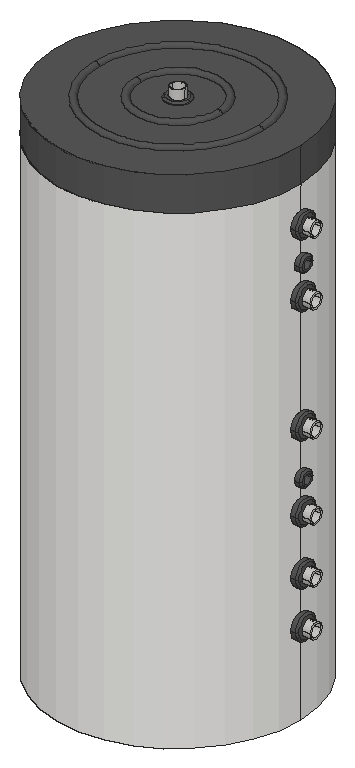
Revit family "S-tank_P2", category Оборудование, Revit 2019
Family settings
  Размер круглого соединителя = Использовать диаметр
  Классификация = Нет
  Тип детали = Нормальный
  На основе рабочей плоскости = Нет
  Всегда вертикально = Да
  При загрузке вырезать с полостями = Нет
  Общий = Нет
  Точка расчета площади = Нет
Parameters (values of type "P2 200")
  Разработка семейств = "https://rubim.tech/"
  J = 1020 mm
  H = 1200 mm
  Диаметрcизоляцией = 575 mm
  shrf = 17.5 mm
  rd [instance] = Диаметрcизоляцией / 2  # 287.5 mm
  a = Диаметрcизоляцией / 6  # 95.833 mm
  G = 198 mm
  N = L + 150 mm  # 1038 mm
  M = 958 mm
  L = 888 mm
  K = 728 mm
  E = 618 mm
  DN2 = 15 mm
  DN1 = 25 mm
  D = 508 mm
  C = 438 mm
  B = 308 mm
  ADSK_Примечание [instance] = ""
  ADSK_Позиция [instance] = ""
  ADSK_Обозначение = "P2 200"
  ADSK_Наименование краткое [instance] = "БКН"
  ADSK_Наименование = "Бойлер косвенного нагрева"
  ADSK_Масса_Текст [instance] = ""
  ADSK_Масса = 58
  ADSK_Марка = "P2 200"
  ADSK_Количество [instance] = 1  # constant formula
  ADSK_Код изделия [instance] = ""
  ADSK_Завод-изготовитель = "ООО “С-ТЭНК ВОТЕР ХИТЕРС”"
  ADSK_Единица измерения = "шт."  # constant formula
  ADSK_Группирование = "Оборудование"
  ADSK_URL документации изделия = "http://s-tank.ru/p2/"
  A = 198 mm
Types (8, lengths in mm): name | J | H | Диаметрcизоляцией | rd | a | G | N | M | L | K | E | D | C | B | ADSK_Обозначение | ADSK_Масса | ADSK_Марка | A
  P2 200 | 1020 | 1200 | 575 | 287.5 | 95.833 | 198 | 1038 | 958 | 888 | 728 | 618 | 508 | 438 | 308 | "P2 200" | 58 | "P2 200" | 198
  P2 300 | 1360 | 1550 | 575 | 287.5 | 95.833 | 198 | 1318 | 1238 | 1168 | 888 | 728 | 608 | 538 | 318 | "P2 300" | 70 | "P2 300" | 198
  P2 400 | 1110 | 1420 | 725 | 362.5 | 120.833 | 210 | 1100 | 1030 | 950 | 850 | 720 | 590 | 420 | 340 | "P2 400" | 85 | "P2 400" | 210
  P2 500 | 1360 | 1670 | 725 | 362.5 | 120.833 | 210 | 1150 | 1080 | 1000 | 850 | 720 | 590 | 420 | 340 | "P2 500" | 93 | "P2 500" | 210
  P2 750 | 1326 | 1630 | 920 | 460 | 153.333 | 286 | 1166 | 1096 | 1016 | 866 | 736 | 606 | 496 | 416 | "P2 750" | 114 | "P2 750" | 286
  P2 1000 | 1876 | 2200 | 920 | 460 | 153.333 | 296 | 1361 | 1306 | 1211 | 1076 | 886 | 696 | 581 | 486 | "P2 1000" | 145 | "P2 1000" | 296
  P2 1500 | 2010 | 2370 | 1070 | 535 | 178.333 | 360 | 1685 | 1630 | 1535 | 1260 | 1070 | 880 | 645 | 550 | "P2 1500" | 211 | "P2 1500" | 360
  P2 2000 | 2178 | 2500 | 1180 | 590 | 196.667 | 508 | 1783 | 1728 | 1633 | 1308 | 1108 | 908 | 603 | 508 | "P2 2000" | 257 | "P2 2000" | 308
Reference planes
  plane 1 "По центру (Вперед/Назад)": y = 0
  plane 2: z = 0
  plane 3 "По центру (Влево/Вправо)": x = 0
  plane 4: z = 198
  plane 5: z = 308
  plane 6: z = 438
  plane 7: z = 508
  plane 8: z = 1200
  plane 9: x = 287.5
  plane 10: x = -287.5
  plane 11: x = 95.833
  plane 12: x = 191.667
  plane 13: y = -287.5
  plane 14: y = 287.5
  plane 15: z = 618
  plane 16: z = 1038
  plane 17: z = 728
  plane 18: z = 888
  plane 19: z = 198
  plane 20: z = 958
  plane 21: z = 1020
Forms (mm)
  Extrusion 1, solid, material "RB_Серая порошковая"
    sketch origin (0, 0, 0) x (1, 0, 0) y (0, 1, 0)
      loop
        circle (0, 0) r 287.5
    from 0 to 1120
  Extrusion 2, solid, material "RB_Черный пластик"
    sketch origin (0, 0, 0) x (1, 0, 0) y (0, 1, 0)
      loop
        circle (0, 0) r 287.5
    from 1120 to 1200
  Revolve 3, solid, material "RB_Черный пластик"
    sketch origin (0, 0, 0) x (1, 0, 0) y (0, 0, 1)
      loop
        line (88.333, 1200) -> (103.333, 1200)
        arc (103.333, 1200) -> (95.833, 1207.5) -> (88.333, 1200) r 7.5
      loop
        line (184.167, 1200) -> (199.167, 1200)
        arc (199.167, 1200) -> (191.667, 1207.5) -> (184.167, 1200) r 7.5
      axis (0, 1200) -> (0, 1201)
    angle from 0 to 360
  Extrusion 4, solid, material "Пластик синий", not visible
    sketch origin (-10, 0, 0) x (1, 0, 0) y (0, 0, 1)
      loop
        arc (-214.477, 2447.343) -> (-231.977, 2440.094) -> (-239.226, 2422.594) r 24.749
        line (-239.226, 2422.594) -> (-239.226, 2312.833)
        arc (-239.226, 2312.833) -> (-231.977, 2295.333) -> (-214.477, 2288.085) r 24.749
        line (-214.477, 2288.085) -> (236.536, 2288.085)
        arc (236.536, 2288.085) -> (254.036, 2295.333) -> (261.285, 2312.833) r 24.749
        line (261.285, 2312.833) -> (261.285, 2420.032)
        arc (261.285, 2420.032) -> (253.285, 2439.344) -> (233.974, 2447.343) r 27.311
        line (233.974, 2447.343) -> (-214.477, 2447.343)
      loop
        arc (-214.477, 2439.053) -> (-226.115, 2434.232) -> (-230.936, 2422.594) r 16.459
        line (-230.936, 2422.594) -> (-230.936, 2331.316) -> (252.994, 2331.316) -> (252.994, 2420.032)
        arc (252.994, 2420.032) -> (247.423, 2433.482) -> (233.974, 2439.053) r 19.021
        line (233.974, 2439.053) -> (-214.477, 2439.053)
      loop
        line (-115.968, 2397.309) -> (-115.968, 2379.809) -> (-65.968, 2379.809) -> (-65.968, 2397.309) -> (-115.968, 2397.309)
      loop
        line (-35.422, 2407.249) -> (-35.422, 2351.314) -> (-17.922, 2351.314) -> (-17.922, 2407.249) -> (3.349, 2407.249) -> (10.977, 2424.749) -> (-55.778, 2424.749) -> (-55.778, 2407.249) -> (-35.422, 2407.249)
      loop
        line (-4.413, 2351.314) -> (16.363, 2351.314) -> (21.205, 2358.883) -> (45.502, 2358.883) -> (45.502, 2351.314) -> (63.002, 2351.314) -> (63.002, 2377.816) -> (33.319, 2377.816) -> (45.396, 2396.692) -> (45.396, 2384.046) -> (62.896, 2384.046) -> (62.896, 2407.227)
        arc (62.896, 2407.227) -> (56.009, 2420.523) -> (41.176, 2422.567) r 16.277
        line (41.176, 2422.567) -> (-4.413, 2351.314)
      loop
        line (86.328, 2400.911) -> (116.793, 2357.872)
        arc (116.793, 2357.872) -> (128.592, 2352.604) -> (138.978, 2360.291) r 12.812
        line (138.978, 2360.291) -> (138.978, 2425.291) -> (121.478, 2425.291) -> (121.478, 2377.488) -> (92.799, 2417.763)
        arc (92.799, 2417.763) -> (79.669, 2423.404) -> (68.828, 2414.092) r 13.5
        line (68.828, 2414.092) -> (68.828, 2351.314) -> (86.328, 2351.314) -> (86.328, 2400.911)
      loop
        line (148.978, 2425.291) -> (148.978, 2351.314) -> (166.478, 2351.314) -> (166.478, 2387.9) -> (192.095, 2351.314) -> (210.407, 2351.314) -> (181.682, 2392.337) -> (202.618, 2425.291) -> (184.847, 2425.291) -> (166.478, 2396.377) -> (166.478, 2425.291) -> (148.978, 2425.291)
    from 759.938 to 875
  Extrusion 5, solid, material "Пластик красный", not visible
    sketch origin (-10, 0, 0) x (1, 0, 0) y (0, 0, 1)
      loop
        line (-183.191, 2407.249) -> (-125.538, 2407.249)
        arc (-125.538, 2407.249) -> (-123.959, 2408.615) -> (-124.451, 2410.643) r 2.004
        line (-124.451, 2410.643) -> (-138.593, 2424.749) -> (-178.435, 2424.749)
        arc (-178.435, 2424.749) -> (-183.852, 2416.825) -> (-183.191, 2407.249) r 14.627
      loop
        line (-178.104, 2401.129) -> (-146.323, 2368.814) -> (-182.715, 2368.814)
        arc (-182.715, 2368.814) -> (-184.77, 2366.956) -> (-184.098, 2364.267) r 2.693
        line (-184.098, 2364.267) -> (-171.109, 2351.314) -> (-128.051, 2351.314)
        arc (-128.051, 2351.314) -> (-118.918, 2357.483) -> (-121.231, 2368.259) r 9.845
        line (-121.231, 2368.259) -> (-153.559, 2401.129) -> (-178.104, 2401.129)
    from -875 to 875
Lines and regions (mm)
  reference lines
    curve 1: line (0, -287.5, 51.978) -> (0, -287.5, -128.022)
    curve 2: line (287.5, 0, 51.978) -> (287.5, 0, -48.022)
    curve 3: line (378.302, -378.302, 51.978) -> (378.302, -378.302, -48.022)
    curve 4: line (-287.5, 0, 51.978) -> (-287.5, 0, -48.022)
Dimensions and locks
  "H": plane 8 to plane 2
  "D": plane 7 to plane 2
  "C": plane 6 to plane 2
  "B": plane 5 to plane 2
  "A": plane 4 to plane 2
  "Диаметрcизоляцией": plane 9 to plane 10
  equal spacing: plane 9, plane 3 "По центру (Влево/Вправо)", plane 10
  "a": plane 11 to plane 3 "По центру (Влево/Вправо)"
  "a": plane 12 to plane 11
  equal spacing: Revolve 3 sketch curve, plane 11, Revolve 3 sketch curve
  equal spacing: Revolve 3 sketch curve, plane 12, Revolve 3 sketch curve
  Revolve 3 sketch curve to Revolve 3 sketch curve = 15 mm  (x2)
  "shrf": Extrusion 4 sketch curve to Extrusion 4 sketch curve  (x11)
  Extrusion 4 sketch curve to Extrusion 4 sketch curve = 15 mm  (x2)
  "shrf": Extrusion 5 sketch curve to Extrusion 5 sketch curve  (x3)
  equal spacing: plane 14, plane 1 "По центру (Вперед/Назад)", plane 13
  "Диаметрcизоляцией": plane 14 to plane 13
  locked: Extrusion 2 to plane 8 at 80
  "E": plane 15 to level
  "K": plane 17 to level
  "G": plane 19 to level
  "M": plane 20 to level
  "L": plane 18 to level
  "N": plane 16 to level
  "J": plane 21 to level
  "Диаметрcизоляцией": diameter of Extrusion 1 sketch curve
  "Диаметрcизоляцией": diameter of Extrusion 2 sketch curve
  aligned and locked: level to plane 2
  aligned and locked: Extrusion 4 sketch curve to Extrusion 4 sketch curve  (x3)
  aligned and locked: Extrusion 4 to Extrusion 5 sketch curve
  aligned and locked: Extrusion 5 sketch curve to Extrusion 4
  aligned and locked: nested 1 to plane 1 "По центру (Вперед/Назад)"
  aligned and locked: curve 1 to plane 13
  aligned and locked: nested 2 to plane 4
  aligned and locked: nested 1 to plane 5
  aligned and locked: nested 4 to plane 6
  aligned and locked: curve 2 to nested 3
  aligned and locked: curve 2 to nested 4
  aligned and locked: curve 2 to nested 1
  aligned and locked: curve 2 to nested 2
  aligned and locked: curve 2 to plane 9
  aligned and locked: nested 5 to plane 1 "По центру (Вперед/Назад)"
  aligned and locked: nested 5 to plane 8
  aligned and locked: Extrusion 2 to plane 8
  aligned and locked: Extrusion 1 to Extrusion 2
  aligned and locked: Extrusion 1 to level
  aligned and locked: plane 20 to nested 3
  aligned and locked: curve 2 to nested 6
  aligned and locked: nested 6 to plane 7
  aligned and locked: plane 16 to nested 7
  aligned and locked: curve 2 to nested 7
  aligned and locked: plane 19 to nested 9
  aligned and locked: curve 2 to nested 8
  aligned and locked: plane 15 to nested 8
  aligned and locked: nested 9 to curve 4
  aligned and locked: curve 4 to plane 10
  aligned and locked: plane 18 to nested 10
  aligned and locked: curve 2 to nested 10
  aligned and locked: plane 21 to nested 11
  aligned and locked: curve 4 to nested 11
Automatic sketch dimensions
  Extrusion 4 sketch curve to Extrusion 4 sketch curve = 0 mm  (x12)
  Extrusion 4 sketch curve to Extrusion 4 sketch curve = 8.29 mm
  Extrusion 4 sketch curve to Extrusion 4 sketch curve = 16.459 mm  (x3)
  Extrusion 4 sketch curve to Extrusion 4 sketch curve = 98.509 mm
  Extrusion 4 sketch curve to Extrusion 4 sketch curve = 50 mm
  Extrusion 4 sketch curve to Extrusion 4 sketch curve = 10.19 mm
  Extrusion 4 sketch curve to Extrusion 4 sketch curve = 20.356 mm
  Extrusion 4 sketch curve to Extrusion 4 sketch curve = 13.509 mm
  Extrusion 4 sketch curve to Extrusion 4 sketch curve = 4.843 mm
  Extrusion 4 sketch curve to Extrusion 4 sketch curve = 12.113 mm
  Extrusion 4 sketch curve to Extrusion 4 sketch curve = 30.199 mm
  Extrusion 4 sketch curve to Extrusion 4 sketch curve = 12.078 mm
  Extrusion 4 sketch curve to Extrusion 4 sketch curve = 12.183 mm
  Extrusion 4 sketch curve to Extrusion 4 sketch curve = 1.223 mm
  Extrusion 4 sketch curve to Extrusion 4 sketch curve = 5.932 mm
  Extrusion 4 sketch curve to Extrusion 4 sketch curve = 4.616 mm
  Extrusion 4 sketch curve to Extrusion 4 sketch curve = 11.087 mm
  Extrusion 4 sketch curve to Extrusion 4 sketch curve = 30.465 mm
  Extrusion 4 sketch curve to Extrusion 4 sketch curve = 4.684 mm
  Extrusion 4 sketch curve to Extrusion 4 sketch curve = 11.775 mm
  Extrusion 4 sketch curve to Extrusion 4 sketch curve = 10 mm
  Extrusion 4 sketch curve to Extrusion 4 sketch curve = 15.205 mm
  Extrusion 4 sketch curve to Extrusion 4 sketch curve = 18.369 mm
  Extrusion 4 sketch curve to Extrusion 4 sketch curve = 25.618 mm
  Extrusion 4 sketch curve to Extrusion 4 sketch curve = 17.771 mm
  Extrusion 4 sketch curve to Extrusion 4 sketch curve = 18.312 mm
  Extrusion 4 sketch curve to Extrusion 4 sketch curve = 31.356 mm
  Extrusion 4 sketch curve to Extrusion 4 sketch curve = 18.483 mm
  Extrusion 4 sketch curve to Extrusion 4 sketch curve = 38.481 mm
  Extrusion 4 sketch curve to Extrusion 4 sketch curve = 6.557 mm
  Extrusion 4 sketch curve to Extrusion 4 sketch curve = 8.977 mm
  Extrusion 4 sketch curve to Extrusion 4 sketch curve = 12.148 mm
  Extrusion 4 sketch curve to Extrusion 4 sketch curve = 28.495 mm
  Extrusion 4 sketch curve to Extrusion 4 sketch curve = 12.647 mm
  Extrusion 4 sketch curve to Extrusion 4 sketch curve = 6.316 mm
  Extrusion 4 sketch curve to Extrusion 4 sketch curve = 15.318 mm
  Extrusion 4 sketch curve to Extrusion 4 sketch curve = 9.148 mm
  Extrusion 4 sketch curve to Extrusion 4 sketch curve = 6.865 mm
  Extrusion 4 sketch curve to Extrusion 4 sketch curve = 5.259 mm
  Extrusion 4 sketch curve to Extrusion 4 sketch curve = 28.915 mm
  Extrusion 5 sketch curve to Extrusion 5 sketch curve = 0.908 mm
  Extrusion 5 sketch curve to Extrusion 5 sketch curve = 1.383 mm
  Extrusion 5 sketch curve to Extrusion 5 sketch curve = 1.904 mm
  Extrusion 5 sketch curve to Extrusion 5 sketch curve = 4.756 mm
  Extrusion 5 sketch curve to Extrusion 5 sketch curve = 5.086 mm
  Extrusion 5 sketch curve to Extrusion 5 sketch curve = 12.989 mm
  Extrusion 5 sketch curve to Extrusion 5 sketch curve = 8.698 mm
  Extrusion 5 sketch curve to Extrusion 5 sketch curve = 16.177 mm
  Extrusion 5 sketch curve to Extrusion 5 sketch curve = 24.787 mm
  Extrusion 5 sketch curve to Extrusion 5 sketch curve = 14.966 mm
  Extrusion 5 sketch curve to Extrusion 5 sketch curve = 18.272 mm
  Extrusion 5 sketch curve to Extrusion 5 sketch curve = 12.725 mm
  Extrusion 5 sketch curve to Extrusion 5 sketch curve = 0.33 mm
  Extrusion 5 sketch curve to Extrusion 5 sketch curve = 1.417 mm
  Extrusion 5 sketch curve to Extrusion 5 sketch curve = 6.82 mm
  Extrusion 5 sketch curve to Extrusion 5 sketch curve = 4.547 mm
  Extrusion 5 sketch curve to Extrusion 5 sketch curve = 1.977 mm
  Extrusion 4 sketch curve to Extrusion 4 sketch curve = 21.271 mm
  Extrusion 4 sketch curve to Extrusion 4 sketch curve = 7.628 mm
  Extrusion 4 sketch curve to Extrusion 4 sketch curve = 20.775 mm
  Extrusion 4 sketch curve to Extrusion 4 sketch curve = 26.129 mm
  Revolve 3 sketch curve to plane 3 "По центру (Влево/Вправо)" = 0 mm
  Revolve 3 sketch curve to plane 8 = 0 mm  (x2)
  Revolve 3 sketch curve to plane 8 = 100 mm
  Revolve 3 sketch curve to Revolve 3 sketch curve = 220 mm
  curve 3 to level = 48.022 mm
  level to curve 3 = 51.978 mm
  curve 1 to level = 128.022 mm
  level to curve 1 = 51.978 mm
  curve 2 to level = 48.022 mm
  curve 4 to level = 48.022 mm
  level to curve 4 = 51.978 mm
  level to curve 2 = 51.978 mm
  plane 1 "По центру (Вперед/Назад)" to Extrusion 1 sketch curve = 0 mm
  Extrusion 1 sketch curve to plane 3 "По центру (Влево/Вправо)" = 0 mm
  plane 1 "По центру (Вперед/Назад)" to Extrusion 2 sketch curve = 0 mm
  Extrusion 2 sketch curve to plane 3 "По центру (Влево/Вправо)" = 0 mm
Nested families
  nested 1: "патрубок" at (287.5, 0, 308) x (0, 1, 0) z (0, 0, 1), DN <- "DN1", type "патрубок"
    with ВР yes, L2 50 mm, L1 30 mm, Dv 35.5 mm, Dtv 29.5 mm, Dt 33.5 mm, Dn 56.8 mm, DN 25 mm
  nested 2: "патрубок" at (287.5, 0, 198) x (0, 1, 0) z (0, 0, 1), DN <- "DN1", type "патрубок"
    with ВР yes, L2 50 mm, L1 30 mm, Dv 35.5 mm, Dtv 29.5 mm, Dt 33.5 mm, Dn 56.8 mm, DN 25 mm
  nested 3: "патрубок" at (287.5, 0, 958) x (0, 1, 0) z (0, 0, 1), DN <- "DN2", type "патрубок"
    with ВР no, L2 15 mm, L1 30 mm, Dv 23.3 mm, Dtv 17.3 mm, Dt 21.3 mm, Dn 37.28 mm, DN 15 mm
  nested 4: "патрубок" at (287.5, 0, 438) x (0, 1, 0) z (0, 0, 1), DN <- "DN1", type "патрубок"
    with ВР yes, L2 50 mm, L1 30 mm, Dv 35.5 mm, Dtv 29.5 mm, Dt 33.5 mm, Dn 56.8 mm, DN 25 mm
  nested 5: "патрубок" at (0, 0, 1189.119) x (1, 0, 0) z (0, 1, 0), DN <- "DN1", type "патрубок"
    with ВР yes, L2 50 mm, L1 30 mm, Dv 35.5 mm, Dtv 29.5 mm, Dt 33.5 mm, Dn 56.8 mm, DN 25 mm
  nested 6: "патрубок" at (287.5, 0, 508) x (0, 1, 0) z (0, 0, 1), DN <- "DN2", type "патрубок"
    with ВР no, L2 15 mm, L1 30 mm, Dv 23.3 mm, Dtv 17.3 mm, Dt 21.3 mm, Dn 37.28 mm, DN 15 mm
  nested 7: "патрубок" at (287.5, 0, 1038) x (0, 1, 0) z (0, 0, 1), DN <- "DN1", type "патрубок"
    with ВР yes, L2 50 mm, L1 30 mm, Dv 35.5 mm, Dtv 29.5 mm, Dt 33.5 mm, Dn 56.8 mm, DN 25 mm
  nested 8: "патрубок" at (287.5, 0, 618) x (0, 1, 0) z (0, 0, 1), DN <- "DN1", type "патрубок"
    with ВР yes, L2 50 mm, L1 30 mm, Dv 35.5 mm, Dtv 29.5 mm, Dt 33.5 mm, Dn 56.8 mm, DN 25 mm
  nested 9: "патрубок" at (-287.5, 0, 198) x (0, -1, 0) z (0, 0, 1), type "патрубок"
    with ВР no, L2 15 mm, L1 30 mm, Dv 62 mm, Dtv 56 mm, Dt 60 mm, Dn 99.2 mm, DN 50 mm
  nested 10: "патрубок" at (287.5, 0, 888) x (0, 1, 0) z (0, 0, 1), DN <- "DN1", type "патрубок"
    with ВР yes, L2 50 mm, L1 30 mm, Dv 35.5 mm, Dtv 29.5 mm, Dt 33.5 mm, Dn 56.8 mm, DN 25 mm
  nested 11: "патрубок" at (-287.5, 0, 1020) x (0, 1, 0) z (0, 0, 1), DN <- "DN2", type "патрубок"
    with ВР no, L2 15 mm, L1 30 mm, Dv 23.3 mm, Dtv 17.3 mm, Dt 21.3 mm, Dn 37.28 mm, DN 15 mm
Connectors
  piping at (287.5, 0, 958), diameter 15, driven by "DN2"
    settings: on nested 3, index 13, connector inside diameter 609.6 mm, connector length 0 mm, flow factor 0, pipe flow 0.0 L/s, pressure drop 0.0 Pa, fitting loss kfactor 0, connector angle 0.00°, fixture units 0, engagement length 0 mm, angle of deflection 0.00°, flow configuration 0, flow direction 0, fitting loss method 0, system type 29, joint type 0, gender type 0, connector reference index -1, connector utility 0, adjustable connector no, is connector primary yes, connector description ""
  piping at (322.5, 0, 438), diameter 25, driven by "DN1"
    settings: on nested 4, index 14, connector inside diameter 609.6 mm, connector length 0 mm, flow factor 0, pipe flow 0.0 L/s, pressure drop 0.0 Pa, fitting loss kfactor 0, connector angle 0.00°, fixture units 0, engagement length 0 mm, angle of deflection 0.00°, flow configuration 0, flow direction 2, fitting loss method 0, system type 29, joint type 0, gender type 0, connector reference index -1, connector utility 0, adjustable connector no, is connector primary no, connector description ""
  piping at (322.5, 0, 308), diameter 25, driven by "DN1"
    settings: on nested 1, index 15, connector inside diameter 609.6 mm, connector length 0 mm, flow factor 0, pipe flow 0.0 L/s, pressure drop 0.0 Pa, fitting loss kfactor 0, connector angle 0.00°, fixture units 0, engagement length 0 mm, angle of deflection 0.00°, flow configuration 0, flow direction 2, fitting loss method 0, system type 8, joint type 0, gender type 0, connector reference index -1, connector utility 0, adjustable connector no, is connector primary no, connector description ""
  piping at (322.5, 0, 198), diameter 25, driven by "DN1"
    settings: on nested 2, index 16, connector inside diameter 609.6 mm, connector length 0 mm, flow factor 0, pipe flow 0.0 L/s, pressure drop 0.0 Pa, fitting loss kfactor 0, connector angle 0.00°, fixture units 0, engagement length 0 mm, angle of deflection 0.00°, flow configuration 0, flow direction 1, fitting loss method 0, system type 20, joint type 0, gender type 0, connector reference index -1, connector utility 0, adjustable connector no, is connector primary no, connector description ""
  piping at (0, 0, 1224.119), diameter 25, driven by "DN1"
    settings: on nested 5, index 21, connector inside diameter 609.6 mm, connector length 0 mm, flow factor 0, pipe flow 0.0 L/s, pressure drop 0.0 Pa, fitting loss kfactor 0, connector angle 0.00°, fixture units 0, engagement length 0 mm, angle of deflection 0.00°, flow configuration 0, flow direction 2, fitting loss method 0, system type 19, joint type 0, gender type 0, connector reference index -1, connector utility 0, adjustable connector no, is connector primary no, connector description ""
  piping at (287.5, 0, 508), diameter 15, driven by "DN2"
    settings: on nested 6, index 22, connector inside diameter 609.6 mm, connector length 0 mm, flow factor 0, pipe flow 0.0 L/s, pressure drop 0.0 Pa, fitting loss kfactor 0, connector angle 0.00°, fixture units 0, engagement length 0 mm, angle of deflection 0.00°, flow configuration 0, flow direction 0, fitting loss method 0, system type 29, joint type 0, gender type 0, connector reference index -1, connector utility 0, adjustable connector no, is connector primary no, connector description ""
  piping at (322.5, 0, 1038), diameter 25, driven by "DN1"
    settings: on nested 7, index 23, connector inside diameter 609.6 mm, connector length 0 mm, flow factor 0, pipe flow 0.0 L/s, pressure drop 0.0 Pa, fitting loss kfactor 0, connector angle 0.00°, fixture units 0, engagement length 0 mm, angle of deflection 0.00°, flow configuration 0, flow direction 1, fitting loss method 0, system type 7, joint type 0, gender type 0, connector reference index -1, connector utility 0, adjustable connector no, is connector primary no, connector description ""
  piping at (322.5, 0, 618), diameter 25, driven by "DN1"
    settings: on nested 8, index 24, connector inside diameter 609.6 mm, connector length 0 mm, flow factor 0, pipe flow 0.0 L/s, pressure drop 0.0 Pa, fitting loss kfactor 0, connector angle 0.00°, fixture units 0, engagement length 0 mm, angle of deflection 0.00°, flow configuration 0, flow direction 1, fitting loss method 0, system type 7, joint type 0, gender type 0, connector reference index -1, connector utility 0, adjustable connector no, is connector primary no, connector description ""
  piping at (322.5, 0, 888), diameter 25, driven by "DN1"
    settings: on nested 10, index 25, connector inside diameter 609.6 mm, connector length 0 mm, flow factor 0, pipe flow 0.0 L/s, pressure drop 0.0 Pa, fitting loss kfactor 0, connector angle 0.00°, fixture units 0, engagement length 0 mm, angle of deflection 0.00°, flow configuration 0, flow direction 2, fitting loss method 0, system type 8, joint type 0, gender type 0, connector reference index -1, connector utility 0, adjustable connector no, is connector primary no, connector description ""
  piping at (-287.5, 0, 1020), diameter 15, driven by "DN2"
    settings: on nested 11, index 26, connector inside diameter 609.6 mm, connector length 0 mm, flow factor 0, pipe flow 0.0 L/s, pressure drop 0.0 Pa, fitting loss kfactor 0, connector angle 0.00°, fixture units 0, engagement length 0 mm, angle of deflection 0.00°, flow configuration 0, flow direction 0, fitting loss method 0, system type 29, joint type 0, gender type 0, connector reference index -1, connector utility 0, adjustable connector no, is connector primary no, connector description ""
Definition of nested family "патрубок"
  Parameters (values of type "патрубок")
    ВР [instance] = yes
    L2 [instance] = if(ВР, L1 + 20 mm, L1 - 15 mm)  # 50 mm
    L1 [instance] = 30 mm
    Dv [instance] = Dt + 2 mm  # 50 mm
    Dtv [instance] = Dt - 4 mm  # 44 mm
    Dt [instance] = if(DN = 15 mm, 21.3 mm, if(DN = 20 mm, 26.8 mm, if(DN = 25 mm, 33.5 mm, if(DN = 32 mm, 42.3 mm, if(DN = 40 mm, 48 mm, if(DN = 50 mm, 60 mm, 15 mm))))))  # 48 mm
    Dn [instance] = Dv * 1.6  # 80 mm
    DN [instance] = 40 mm
    2 = none
    1 = none
  Reference planes
    plane 1 "По центру (Вперед/Назад)": y = 0
    plane 2: z = 0
    plane 3 "По центру (Влево/Вправо)": x = 0
  Forms (mm)
    Extrusion 1, solid, material <- "1"
      sketch origin (0, 0, 0) x (1, 0, 0) y (0, 0, 1)
        loop
          circle (0, 0) r 40
        loop
          circle (0, 0) r 25
      from -15 to 15
    Extrusion 2, solid, material <- "2"
      sketch origin (0, 0, 0) x (1, 0, 0) y (0, 0, 1)
        loop
          circle (0, 0) r 24
        loop
          circle (0, 0) r 22
      from -15 to 35
    Sweep 3, void
      path in 3D
        loop
          arc (40, -15, 0) -> (0, -15, -40) -> (-40, -15, 0) r 40
          arc (-40, -15, 0) -> (0, -15, 40) -> (40, -15, 0) r 40
      profile origin (0, -15, 40) x (0, 0, 1) y (0, -1, 0)
        loop
          line (0, -4.119) -> (0, 0) -> (-4.119, 0) -> (0, -4.119)
  Cuts and joins
    Sweep 3 cuts Extrusion 1
  Lines and regions (mm)
    sketch lines
      curve 1: arc (-40, -15, 0) -> (0, -15, 40) -> (40, -15, 0) r 40
      curve 2: arc (40, -15, 0) -> (0, -15, -40) -> (-40, -15, 0) r 40
  Dimensions and locks
    "L1": Extrusion 1 to Extrusion 1
    equal spacing: Extrusion 1, plane 1 "По центру (Вперед/Назад)", Extrusion 1
    "L2": Extrusion 1 to Extrusion 2
    "Dn": diameter of Extrusion 1 sketch curve
    "Dv": diameter of Extrusion 1 sketch curve
    "Dt": diameter of Extrusion 2 sketch curve
    "Dtv": diameter of Extrusion 2 sketch curve
    locked: profile plane to Sweep 3 sketch curve (angle 45.00°)
    aligned and locked: level to plane 2
    aligned and locked: Extrusion 1 to Extrusion 2
    aligned and locked: Sweep 3 sketch curve to profile plane
    aligned and locked: profile plane to Sweep 3 sketch curve
  Automatic sketch dimensions
    profile plane to Sweep 3 sketch curve = 4.119 mm
    Extrusion 1 sketch curve to Extrusion 1 sketch curve = 0 mm  (x2)
    Extrusion 1 sketch curve to level = 0 mm
    Extrusion 1 sketch curve to plane 3 "По центру (Влево/Вправо)" = 0 mm
    Extrusion 2 sketch curve to Extrusion 2 sketch curve = 0 mm  (x2)
    Extrusion 2 sketch curve to level = 0 mm
    Extrusion 2 sketch curve to plane 3 "По центру (Влево/Вправо)" = 0 mm
